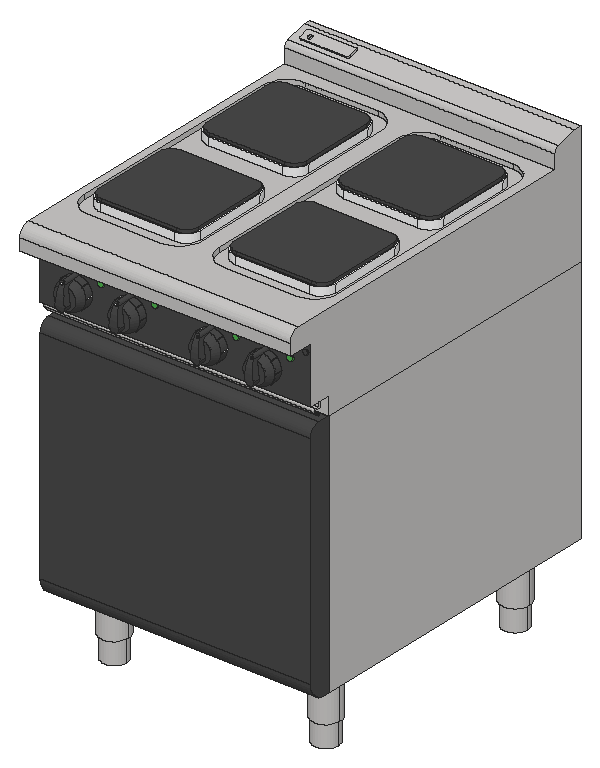
Revit family "QF_Moffat_RNLB8400SE-CD_Electric_Cooktops_Sealed_Hobs_cat", category Specialty Equipment, Revit 2019
Family settings
  Round Connector Dimension = Use Diameter
  Part Type = Normal
  Work Plane-Based = No
  Always vertical = Yes
  Cut with Voids When Loaded = No
  Shared = No
  Room Calculation Point = No
Parameters
  Weight in Kilograms = 79
  Watts = 8800 W
  Volts = 400 V
  URL Cutsheet = ""
  Specification by User = ""
  Specification by Manufacturer = ""
  Serial Number = ""
  Seismic Rating = ""
  SMACNA No = ""
  Revision Code = ""
  Phase = 2
  Number of Poles = 1
  NAFEM Spec ID Number = ""
  Model = "RNLB8400SE-CD"
  Min Ckt Ampacity = 0 A
  Max Overcurrent Protection = 0 A
  Masterspec = ""
  Manufacturer = "Moffat"
  Length = 600 mm
  Item Number = ""
  Installed By = ""
  Identify Quantity as Lot = yes
  Height = 970 mm
  HP = ""
  Furnished By = ""
  Foodservice Equipment Identifier = yes
  FL Amps = 22 A
  Electrical Remarks = ""
  Electric Connection Type = ""
  Elec Conn RI Height = 0 mm
  Elec Conn Connection Height = 0 mm
  Description = "Electric Cooktops Sealed Hobs"
  Depth = 805 mm
  Cycle = 50 Hz
  Conn Plug = ""
  Conn Conduit = yes
  CSI MasterFormat = ""
  Apparent Power = if(Phase = 3, Volts * FL Amps * 1.73, Volts * FL Amps)  # 8800 VA
Reference planes
  plane 1 "BACK": y = 0
  plane 2: z = 0
  plane 3 "LEFT": x = 0
  plane 4 "RIGHT": x = 600
  plane 5 "FRONT": y = -805
  plane 6 "TOP": z = 915
  plane 7 "Center Y": x = 300
  plane 8 "Center X": y = -402.5
  plane 9: x = 470
  plane 10: y = -30
  plane 11: z = 970
Forms (mm)
  Extrusion 1, solid, material "QF_Metal_Stainless_Polished"
    sketch origin (0, 0, 215) x (0, 1, 0) y (0, 0, 1)
      loop
        line (-749, 525) -> (-699, 525) -> (-699, 485.45) -> (0, 485.45) -> (0, 525) -> (0, 755) -> (-15, 755) -> (-61.106, 742.646)
        arc (-61.106, 742.646) -> (-67.52, 738.36) -> (-70, 731.055) r 12
        line (-70, 731.055) -> (-70, 700) -> (-781, 700)
        arc (-781, 700) -> (-797.971, 692.971) -> (-805, 676) r 24
        line (-805, 676) -> (-805, 651) -> (-749, 651) -> (-749, 525)
    from 0 to 600
  Extrusion 2, solid, material "QF_Plastic_Black_Smooth"
    sketch origin (0, 0, 0) x (0, 1, 0) y (0, 0, 1)
      loop
        line (-699, 700.45) -> (-725, 700.45)
        arc (-725, 700.45) -> (-741.971, 693.421) -> (-749, 676.45) r 24
        line (-749, 676.45) -> (-749, 188)
        arc (-749, 188) -> (-737.87, 161.13) -> (-711, 150) r 38
        line (-711, 150) -> (-699, 150) -> (-699, 700.45)
    from 0 to 600
  Extrusion 3, solid, material "QF_Plastic_Black_Smooth"
    sketch origin (0, 0, 915) x (0, -1, 0) y (1, 0, 0)
      loop
        arc (142, 67) -> (149.908, 47.908) -> (169, 40) r 27
        line (169, 40) -> (335, 40)
        arc (335, 40) -> (354.092, 47.908) -> (362, 67) r 27
        line (362, 67) -> (362, 233)
        arc (362, 233) -> (354.092, 252.092) -> (335, 260) r 27
        line (335, 260) -> (169, 260)
        arc (169, 260) -> (149.908, 252.092) -> (142, 233) r 27
        line (142, 233) -> (142, 67)
      loop
        arc (442, 67) -> (449.908, 47.908) -> (469, 40) r 27
        line (469, 40) -> (635, 40)
        arc (635, 40) -> (654.092, 47.908) -> (662, 67) r 27
        line (662, 67) -> (662, 233)
        arc (662, 233) -> (654.092, 252.092) -> (635, 260) r 27
        line (635, 260) -> (469, 260)
        arc (469, 260) -> (449.908, 252.092) -> (442, 233) r 27
        line (442, 233) -> (442, 67)
    from 8.3 to 14.4
  Extrusion 4, solid, material "QF_Plastic_Black_Smooth"
    sketch origin (0, 0, 915) x (0, -1, 0) y (1, 0, 0)
      loop
        line (142, 533) -> (142, 367)
        arc (142, 367) -> (149.908, 347.908) -> (169, 340) r 27
        line (169, 340) -> (335, 340)
        arc (335, 340) -> (354.092, 347.908) -> (362, 367) r 27
        line (362, 367) -> (362, 533)
        arc (362, 533) -> (354.092, 552.092) -> (335, 560) r 27
        line (335, 560) -> (169, 560)
        arc (169, 560) -> (149.908, 552.092) -> (142, 533) r 27
      loop
        line (442, 533) -> (442, 367)
        arc (442, 367) -> (449.908, 347.908) -> (469, 340) r 27
        line (469, 340) -> (635, 340)
        arc (635, 340) -> (654.092, 347.908) -> (662, 367) r 27
        line (662, 367) -> (662, 533)
        arc (662, 533) -> (654.092, 552.092) -> (635, 560) r 27
        line (635, 560) -> (469, 560)
        arc (469, 560) -> (449.908, 552.092) -> (442, 533) r 27
    from 8.3 to 14.4
  Extrusion 5, void
    sketch origin (0, 0, 915) x (1, 0, 0) y (0, -1, 0)
      loop
        line (69, 102) -> (231, 102)
        arc (231, 102) -> (266.355, 116.645) -> (281, 152) r 50
        line (281, 152) -> (281, 652)
        arc (281, 652) -> (266.355, 687.355) -> (231, 702) r 50
        line (231, 702) -> (69, 702)
        arc (69, 702) -> (33.645, 687.355) -> (19, 652) r 50
        line (19, 652) -> (19, 152)
        arc (19, 152) -> (33.645, 116.645) -> (69, 102) r 50
      loop
        arc (531, 102) -> (566.355, 116.645) -> (581, 152) r 50
        line (581, 152) -> (581, 652)
        arc (581, 652) -> (566.355, 687.355) -> (531, 702) r 50
        line (531, 702) -> (369, 702)
        arc (369, 702) -> (333.645, 687.355) -> (319, 652) r 50
        line (319, 652) -> (319, 152)
        arc (319, 152) -> (333.645, 116.645) -> (369, 102) r 50
        line (369, 102) -> (531, 102)
    from 0 to 9.5
  Extrusion 6, solid, material "QF_Plastic_White_Smooth"
    sketch origin (0, 0, 915) x (0, -1, 0) y (1, 0, 0)
      loop
        arc (138, 68) -> (147.373, 45.373) -> (170, 36) r 32
        line (170, 36) -> (333.983, 36)
        arc (333.983, 36) -> (356.61, 45.373) -> (365.983, 68) r 32
        line (365.983, 68) -> (365.983, 232)
        arc (365.983, 232) -> (356.61, 254.627) -> (333.983, 264) r 32
        line (333.983, 264) -> (170, 264)
        arc (170, 264) -> (147.373, 254.627) -> (138, 232) r 32
        line (138, 232) -> (138, 68)
      loop
        line (666, 68) -> (666, 232)
        arc (666, 232) -> (656.627, 254.627) -> (634, 264) r 32
        line (634, 264) -> (470, 264)
        arc (470, 264) -> (447.373, 254.627) -> (438, 232) r 32
        line (438, 232) -> (438, 68)
        arc (438, 68) -> (447.373, 45.373) -> (470, 36) r 32
        line (470, 36) -> (634, 36)
        arc (634, 36) -> (656.627, 45.373) -> (666, 68) r 32
      loop
        line (138, 532) -> (138, 368)
        arc (138, 368) -> (147.373, 345.373) -> (170, 336) r 32
        line (170, 336) -> (333.983, 336)
        arc (333.983, 336) -> (356.61, 345.373) -> (365.983, 368) r 32
        line (365.983, 368) -> (365.983, 532)
        arc (365.983, 532) -> (356.61, 554.627) -> (333.983, 564) r 32
        line (333.983, 564) -> (170, 564)
        arc (170, 564) -> (147.373, 554.627) -> (138, 532) r 32
      loop
        arc (666, 532) -> (656.627, 554.627) -> (634, 564) r 32
        line (634, 564) -> (470, 564)
        arc (470, 564) -> (447.373, 554.627) -> (438, 532) r 32
        line (438, 532) -> (438, 368)
        arc (438, 368) -> (447.373, 345.373) -> (470, 336) r 32
        line (470, 336) -> (634, 336)
        arc (634, 336) -> (656.627, 345.373) -> (666, 368) r 32
        line (666, 368) -> (666, 532)
    from -9.5 to 8.3
  Extrusion 7, solid, material "QF_Plastic_Black_Smooth"
    sketch origin (9.358, -749, 935.093) x (0, 0, 1) y (-1, 0, 0)
      loop
        circle (-88.657, -0.657) r 5
      loop
        circle (-88.657, -580.626) r 5
    from 0 to 1.6
  Extrusion 8, solid, material "QF_Paint_Green"
    sketch origin (-381.085, -749, 844.742) x (0, 0, 1) y (-1, 0, 0)
      loop
        circle (-20.842, -516.085) r 7.15
      loop
        circle (-20.842, -636.085) r 7.15
      loop
        circle (-20.842, -935.986) r 7.15
      loop
        circle (-20.842, -815.986) r 7.15
    from 0 to 1.6
  Revolve 9, solid, material "QF_Metal_Stainless_Polished"
    sketch origin (0, -625, 50) x (0, 0, -1) y (1, 0, 0)
      loop
        line (50, 535) -> (-100, 535) -> (-100, 503.25) -> (0, 503.25) -> (0, 507.5) -> (50, 507.5) -> (50, 535)
      axis (-100, 535) -> (50, 535)
    angle from 0 to 360
  Revolve 10, solid, material "QF_Metal_Stainless_Polished"
    sketch origin (0, -100, 50) x (0, 0, -1) y (1, 0, 0)
      loop
        line (50, 535) -> (-100, 535) -> (-100, 503.25) -> (0, 503.25) -> (0, 507.5) -> (50, 507.5) -> (50, 535)
      axis (-100, 535) -> (50, 535)
    angle from 0 to 360
  Revolve 11, solid, material "QF_Metal_Stainless_Polished"
    sketch origin (600, -625, 50) x (0, 0, -1) y (1, 0, 0)
      loop
        line (50, -535) -> (50, -507.5) -> (0, -507.5) -> (0, -503.25) -> (-100, -503.25) -> (-100, -535) -> (50, -535)
      axis (-100, -535) -> (50, -535)
    angle from 0 to 360
  Revolve 12, solid, material "QF_Metal_Stainless_Polished"
    sketch origin (600, -100, 50) x (0, 0, -1) y (1, 0, 0)
      loop
        line (50, -535) -> (50, -507.5) -> (0, -507.5) -> (0, -503.25) -> (-100, -503.25) -> (-100, -535) -> (50, -535)
      axis (-100, -535) -> (50, -535)
    angle from 0 to 360
  Extrusion 13, solid, material "QF_Metal_Stainless_Polished"
    sketch origin (0, 5, 815) x (0, 1, 0) y (0, 0, 1)
      loop
        line (-730.6, -75) -> (-730.6, -85) -> (-740.105, -85)
        arc (-740.105, -85) -> (-743.076, -86.985) -> (-742.379, -90.489) r 3.215
        line (-742.379, -90.489) -> (-731.85, -101.018) -> (-730.719, -99.887) -> (-741.247, -89.358)
        arc (-741.247, -89.358) -> (-741.597, -87.597) -> (-740.105, -86.6) r 1.615
        line (-740.105, -86.6) -> (-729, -86.6) -> (-729, -75) -> (-730.6, -75)
    from 0 to 600
  Extrusion 14, solid
    sketch origin (0, -12.574, 150) x (1, 0, 0) y (0, -1, 0)
      loop
        circle (470, 18) r 6.4
    from 0 to 1.6
  Extrusion 15, solid, material "QF_Metal_Stainless_Polished"
    sketch origin (600, 0, 0) x (0, -1, 0) y (0, 0, 1)
      loop
        line (699, 700.45) -> (0, 700.45) -> (0, 150) -> (699, 150) -> (699, 700.45)
    from 0 to 600
Cuts and joins
  Extrusion 5 cuts Extrusion 2
  Extrusion 5 cuts Extrusion 1
Lines and regions (mm)
  symbolic lines
    curve 1: line (600, -805, 0) -> (600, 0, 0)
    curve 2: line (600, 0, 0) -> (0, 0, 0)
    curve 3: line (0, 0, 0) -> (0, -805, 0)
    curve 4: line (0, -805, 0) -> (600, -805, 0)
    curve 5: arc (69, -702, 0) -> (33.645, -687.355, 0) -> (19, -652, 0) r 50
    curve 6: line (19, -652, 0) -> (19, -152, 0)
    curve 7: arc (19, -152, 0) -> (33.645, -116.645, 0) -> (69, -102, 0) r 50
    curve 8: line (69, -102, 0) -> (231, -102, 0)
    curve 9: arc (231, -102, 0) -> (266.355, -116.645, 0) -> (281, -152, 0) r 50
    curve 10: line (281, -152, 0) -> (281, -652, 0)
    curve 11: arc (281, -652, 0) -> (266.355, -687.355, 0) -> (231, -702, 0) r 50
    curve 12: line (231, -702, 0) -> (69, -702, 0)
    curve 13: arc (369, -702, 0) -> (333.645, -687.355, 0) -> (319, -652, 0) r 50
    curve 14: line (319, -652, 0) -> (319, -152, 0)
    curve 15: arc (319, -152, 0) -> (333.645, -116.645, 0) -> (369, -102, 0) r 50
    curve 16: line (369, -102, 0) -> (531, -102, 0)
    curve 17: arc (531, -102, 0) -> (566.355, -116.645, 0) -> (581, -152, 0) r 50
    curve 18: line (581, -152, 0) -> (581, -652, 0)
    curve 19: arc (581, -652, 0) -> (566.355, -687.355, 0) -> (531, -702, 0) r 50
    curve 20: line (531, -702, 0) -> (369, -702, 0)
    curve 21: line (340, -469, 0) -> (340, -635, 0)
    curve 22: arc (340, -635, 0) -> (347.908, -654.092, 0) -> (367, -662, 0) r 27
    curve 23: line (367, -662, 0) -> (533, -662, 0)
    curve 24: arc (533, -662, 0) -> (552.092, -654.092, 0) -> (560, -635, 0) r 27
    curve 25: line (560, -635, 0) -> (560, -469, 0)
    curve 26: arc (560, -469, 0) -> (552.092, -449.908, 0) -> (533, -442, 0) r 27
    curve 27: line (533, -442, 0) -> (367, -442, 0)
    curve 28: arc (367, -442, 0) -> (347.908, -449.908, 0) -> (340, -469, 0) r 27
    curve 29: line (336, -470, 0) -> (336, -634, 0)
    curve 30: arc (336, -634, 0) -> (345.373, -656.627, 0) -> (368, -666, 0) r 32
    curve 31: line (368, -666, 0) -> (532, -666, 0)
    curve 32: arc (532, -666, 0) -> (554.627, -656.627, 0) -> (564, -634, 0) r 32
    curve 33: line (564, -634, 0) -> (564, -470, 0)
    curve 34: arc (564, -470, 0) -> (554.627, -447.373, 0) -> (532, -438, 0) r 32
    curve 35: line (532, -438, 0) -> (368, -438, 0)
    curve 36: arc (368, -438, 0) -> (345.373, -447.373, 0) -> (336, -470, 0) r 32
    curve 37: line (340, -169, 0) -> (340, -335, 0)
    curve 38: arc (340, -335, 0) -> (347.908, -354.092, 0) -> (367, -362, 0) r 27
    curve 39: line (367, -362, 0) -> (533, -362, 0)
    curve 40: arc (533, -362, 0) -> (552.092, -354.092, 0) -> (560, -335, 0) r 27
    curve 41: line (560, -335, 0) -> (560, -169, 0)
    curve 42: arc (560, -169, 0) -> (552.092, -149.908, 0) -> (533, -142, 0) r 27
    curve 43: line (533, -142, 0) -> (367, -142, 0)
    curve 44: arc (367, -142, 0) -> (347.908, -149.908, 0) -> (340, -169, 0) r 27
    curve 45: line (336, -170, 0) -> (336, -333.983, 0)
    curve 46: arc (336, -333.983, 0) -> (345.373, -356.61, 0) -> (368, -365.983, 0) r 32
    curve 47: line (368, -365.983, 0) -> (532, -365.983, 0)
    curve 48: arc (532, -365.983, 0) -> (554.627, -356.61, 0) -> (564, -333.983, 0) r 32
    curve 49: line (564, -333.983, 0) -> (564, -170, 0)
    curve 50: arc (564, -170, 0) -> (554.627, -147.373, 0) -> (532, -138, 0) r 32
    curve 51: line (532, -138, 0) -> (368, -138, 0)
    curve 52: arc (368, -138, 0) -> (345.373, -147.373, 0) -> (336, -170, 0) r 32
    curve 53: line (264, -333.983, 0) -> (264, -170, 0)
    curve 54: arc (264, -170, 0) -> (254.627, -147.373, 0) -> (232, -138, 0) r 32
    curve 55: line (232, -138, 0) -> (68, -138, 0)
    curve 56: arc (68, -138, 0) -> (45.373, -147.373, 0) -> (36, -170, 0) r 32
    curve 57: line (36, -170, 0) -> (36, -333.983, 0)
    curve 58: arc (36, -333.983, 0) -> (45.373, -356.61, 0) -> (68, -365.983, 0) r 32
    curve 59: line (68, -365.983, 0) -> (232, -365.983, 0)
    curve 60: arc (232, -365.983, 0) -> (254.627, -356.61, 0) -> (264, -333.983, 0) r 32
    curve 61: line (260, -335, 0) -> (260, -169, 0)
    curve 62: arc (260, -169, 0) -> (252.092, -149.908, 0) -> (233, -142, 0) r 27
    curve 63: line (233, -142, 0) -> (67, -142, 0)
    curve 64: arc (67, -142, 0) -> (47.908, -149.908, 0) -> (40, -169, 0) r 27
    curve 65: line (40, -169, 0) -> (40, -335, 0)
    curve 66: arc (40, -335, 0) -> (47.908, -354.092, 0) -> (67, -362, 0) r 27
    curve 67: line (67, -362, 0) -> (233, -362, 0)
    curve 68: arc (233, -362, 0) -> (252.092, -354.092, 0) -> (260, -335, 0) r 27
    curve 69: arc (260, -469, 0) -> (252.092, -449.908, 0) -> (233, -442, 0) r 27
    curve 70: line (233, -442, 0) -> (67, -442, 0)
    curve 71: arc (67, -442, 0) -> (47.908, -449.908, 0) -> (40, -469, 0) r 27
    curve 72: line (40, -469, 0) -> (40, -635, 0)
    curve 73: arc (40, -635, 0) -> (47.908, -654.092, 0) -> (67, -662, 0) r 27
    curve 74: line (67, -662, 0) -> (233, -662, 0)
    curve 75: arc (233, -662, 0) -> (252.092, -654.092, 0) -> (260, -635, 0) r 27
    curve 76: line (260, -635, 0) -> (260, -469, 0)
    curve 77: arc (264, -470, 0) -> (254.627, -447.373, 0) -> (232, -438, 0) r 32
    curve 78: line (232, -438, 0) -> (68, -438, 0)
    curve 79: arc (68, -438, 0) -> (45.373, -447.373, 0) -> (36, -470, 0) r 32
    curve 80: line (36, -470, 0) -> (36, -634, 0)
    curve 81: arc (36, -634, 0) -> (45.373, -656.627, 0) -> (68, -666, 0) r 32
    curve 82: line (68, -666, 0) -> (232, -666, 0)
    curve 83: arc (232, -666, 0) -> (254.627, -656.627, 0) -> (264, -634, 0) r 32
    curve 84: line (264, -634, 0) -> (264, -470, 0)
    curve 85: line (0, -15, 0) -> (600, -15, 0)
    curve 86: line (0, -70, 0) -> (600, -70, 0)
Dimensions and locks
  equal spacing: plane 3 "LEFT", plane 7 "Center Y", plane 4 "RIGHT"
  "Length": plane 3 "LEFT" to plane 4 "RIGHT"
  equal spacing: plane 5 "FRONT", plane 8 "Center X", plane 1 "BACK"
  "Depth": plane 5 "FRONT" to plane 1 "BACK"
  plane 9 to plane 4 "RIGHT" = 130 mm
  plane 10 to plane 1 "BACK" = 30 mm
  "Height": plane 11 to level
  aligned and locked: level to plane 2
Automatic sketch dimensions
  Extrusion 1 sketch curve to plane 5 "FRONT" = 0 mm
  Extrusion 1 sketch curve to plane 5 "FRONT" = 24 mm
  Extrusion 1 sketch curve to plane 5 "FRONT" = 56 mm
  Extrusion 1 sketch curve to Extrusion 1 sketch curve = 50 mm
  Extrusion 1 sketch curve to Extrusion 1 sketch curve = 25 mm
  Extrusion 1 sketch curve to Extrusion 1 sketch curve = 126 mm
  Extrusion 1 sketch curve to Extrusion 1 sketch curve = 175 mm
  Extrusion 1 sketch curve to Extrusion 1 sketch curve = 39.55 mm
  plane 1 "BACK" to Extrusion 2 sketch curve = 699 mm
  Extrusion 2 sketch curve to plane 5 "FRONT" = 94 mm
  Extrusion 2 sketch curve to plane 5 "FRONT" = 80 mm
  Extrusion 2 sketch curve to Extrusion 2 sketch curve = 24 mm
  level to Extrusion 2 sketch curve = 150 mm
  Extrusion 2 sketch curve to plane 6 "TOP" = 238.55 mm
  Extrusion 3 sketch curve to Extrusion 3 sketch curve = 27 mm  (x6)
  Extrusion 3 sketch curve to Extrusion 3 sketch curve = 166 mm  (x5)
  Extrusion 1 to Extrusion 3 sketch curve = 67 mm
  Extrusion 3 sketch curve to Extrusion 3 sketch curve = 80 mm
  Extrusion 3 sketch curve to Extrusion 1 = 146 mm  (x2)
  Extrusion 1 to Extrusion 3 sketch curve = 40 mm
  Extrusion 4 sketch curve to Extrusion 4 sketch curve = 27 mm  (x6)
  Extrusion 4 sketch curve to Extrusion 4 sketch curve = 166 mm  (x4)
  Extrusion 1 to Extrusion 4 sketch curve = 67 mm  (x2)
  Extrusion 4 sketch curve to Extrusion 4 sketch curve = 80 mm
  Extrusion 4 sketch curve to Extrusion 1 = 146 mm  (x2)
  Extrusion 4 sketch curve to Extrusion 4 sketch curve = 0 mm
  Extrusion 1 to Extrusion 5 sketch curve = 19 mm  (x2)
  Extrusion 5 sketch curve to Extrusion 5 sketch curve = 50 mm  (x5)
  Extrusion 5 sketch curve to Extrusion 5 sketch curve = 162 mm  (x2)
  Extrusion 5 sketch curve to Extrusion 5 sketch curve = 38 mm
  Extrusion 1 to Extrusion 5 sketch curve = 69 mm  (x2)
  Extrusion 5 sketch curve to Extrusion 1 = 129 mm
  Extrusion 5 sketch curve to Extrusion 5 sketch curve = 0 mm  (x2)
  Extrusion 6 sketch curve to Extrusion 6 sketch curve = 32 mm  (x11)
  Extrusion 1 to Extrusion 6 sketch curve = 36 mm  (x3)
  Extrusion 6 sketch curve to Extrusion 6 sketch curve = 163.983 mm  (x3)
  Extrusion 1 to Extrusion 6 sketch curve = 68 mm  (x2)
  Extrusion 6 sketch curve to Extrusion 6 sketch curve = 0 mm  (x3)
  Extrusion 6 sketch curve to Extrusion 6 sketch curve = 72.017 mm  (x2)
  Extrusion 6 sketch curve to Extrusion 1 = 147 mm  (x3)
  Extrusion 6 sketch curve to Extrusion 6 sketch curve = 164 mm  (x3)
  Extrusion 6 sketch curve to Extrusion 6 sketch curve = 72 mm  (x2)
  plane 4 "RIGHT" to Extrusion 7 sketch curve = 10.016 mm
  Extrusion 7 sketch curve to plane 6 "TOP" = 68.564 mm  (x2)
  plane 3 "LEFT" to Extrusion 7 sketch curve = 10.016 mm
  Extrusion 8 sketch curve to plane 7 "Center Y" = 45 mm
  Extrusion 8 sketch curve to plane 6 "TOP" = 91.1 mm
  plane 4 "RIGHT" to Extrusion 8 sketch curve = 45.099 mm
  Extrusion 8 sketch curve to Extrusion 8 sketch curve = 0 mm  (x3)
  Extrusion 8 sketch curve to Extrusion 8 sketch curve = 120 mm  (x2)
  Revolve 9 sketch curve to level = 0 mm
  level to Revolve 9 sketch curve = 50 mm
  Revolve 9 sketch curve to Revolve 9 sketch curve = 100 mm
  plane 4 "RIGHT" to Revolve 9 sketch curve = 96.75 mm
  Revolve 9 sketch curve to Revolve 9 sketch curve = 4.25 mm
  Revolve 9 sketch curve to Revolve 9 sketch curve = 27.5 mm
  Revolve 9 sketch curve to Revolve 9 sketch curve = 15 mm
  Revolve 9 sketch curve to Revolve 9 sketch curve = 0 mm  (x2)
  Revolve 10 sketch curve to level = 0 mm
  level to Revolve 10 sketch curve = 50 mm
  Revolve 10 sketch curve to Revolve 10 sketch curve = 100 mm
  plane 4 "RIGHT" to Revolve 10 sketch curve = 96.75 mm
  Revolve 10 sketch curve to Revolve 10 sketch curve = 4.25 mm
  Revolve 10 sketch curve to Revolve 10 sketch curve = 27.5 mm
  Revolve 10 sketch curve to Revolve 10 sketch curve = 15 mm
  Revolve 10 sketch curve to Revolve 10 sketch curve = 0 mm  (x2)
  Revolve 11 sketch curve to level = 0 mm
  level to Revolve 11 sketch curve = 50 mm
  Revolve 11 sketch curve to Revolve 11 sketch curve = 100 mm
  plane 3 "LEFT" to Revolve 11 sketch curve = 65 mm
  Revolve 11 sketch curve to Revolve 11 sketch curve = 27.5 mm
  Revolve 11 sketch curve to Revolve 11 sketch curve = 31.75 mm
  Revolve 11 sketch curve to Revolve 11 sketch curve = 15 mm
  Revolve 11 sketch curve to Revolve 11 sketch curve = 0 mm  (x2)
  Revolve 12 sketch curve to level = 0 mm
  level to Revolve 12 sketch curve = 50 mm
  Revolve 12 sketch curve to Revolve 12 sketch curve = 100 mm
  plane 3 "LEFT" to Revolve 12 sketch curve = 65 mm
  Revolve 12 sketch curve to Revolve 12 sketch curve = 27.5 mm
  Revolve 12 sketch curve to Revolve 12 sketch curve = 31.75 mm
  Revolve 12 sketch curve to Revolve 12 sketch curve = 15 mm
  Revolve 12 sketch curve to Revolve 12 sketch curve = 0 mm  (x2)
  plane 1 "BACK" to curve 2 = 0 mm
  curve 2 to plane 3 "LEFT" = 0 mm
  curve 2 to plane 4 "RIGHT" = 0 mm
  plane 5 "FRONT" to curve 1 = 0 mm
  plane 3 "LEFT" to curve 6 = 19 mm
  plane 3 "LEFT" to curve 12 = 69 mm
  plane 3 "LEFT" to curve 8 = 69 mm
  curve 11 to plane 7 "Center Y" = 69 mm
  curve 9 to plane 7 "Center Y" = 69 mm
  curve 10 to plane 7 "Center Y" = 19 mm
  curve 12 to plane 5 "FRONT" = 103 mm
  plane 1 "BACK" to curve 10 = 152 mm
  plane 7 "Center Y" to curve 14 = 19 mm
  plane 7 "Center Y" to curve 16 = 69 mm
  curve 13 to curve 13 = 50 mm
  plane 4 "RIGHT" to curve 19 = 69 mm
  plane 4 "RIGHT" to curve 17 = 69 mm
  plane 4 "RIGHT" to curve 18 = 19 mm
  curve 20 to curve 10 = 50 mm
  curve 13 to curve 21 = 21 mm
  curve 28 to curve 28 = 27 mm
  curve 23 to curve 13 = 2 mm
  plane 4 "RIGHT" to curve 27 = 67 mm
  curve 19 to curve 23 = 2 mm
  curve 26 to curve 25 = 27 mm
  curve 23 to curve 13 = 10 mm
  curve 25 to plane 8 "Center X" = 66.5 mm
  curve 29 to curve 22 = 4 mm
  curve 22 to curve 30 = 1 mm
  curve 28 to curve 36 = 1 mm
  curve 32 to curve 24 = 1 mm
  curve 34 to curve 26 = 1 mm
  curve 26 to curve 33 = 4 mm
  curve 31 to curve 24 = 4 mm
  curve 33 to curve 26 = 1 mm
  plane 7 "Center Y" to curve 37 = 40 mm
  curve 37 to curve 39 = 27 mm
  curve 43 to curve 15 = 2 mm
  curve 17 to curve 42 = 2 mm
  plane 4 "RIGHT" to curve 40 = 67 mm
  curve 40 to curve 41 = 27 mm
  plane 8 "Center X" to curve 39 = 40.5 mm
  curve 42 to curve 17 = 17 mm
  curve 45 to curve 37 = 4 mm
  curve 44 to curve 52 = 1 mm
  curve 39 to curve 47 = 1 mm
  curve 48 to curve 40 = 1 mm
  curve 51 to curve 42 = 1 mm
  curve 42 to curve 49 = 4 mm
  curve 47 to curve 39 = 3.983 mm
  curve 49 to curve 42 = 1 mm
  plane 3 "LEFT" to curve 57 = 36 mm
  curve 56 to curve 7 = 1 mm
  curve 57 to curve 58 = 32 mm
  curve 9 to curve 55 = 1 mm
  curve 60 to plane 7 "Center Y" = 68 mm
  curve 53 to curve 10 = 17 mm
  plane 8 "Center X" to curve 59 = 36.517 mm
  curve 57 to curve 7 = 18 mm
  curve 56 to curve 65 = 4 mm
  curve 63 to curve 56 = 1 mm
  curve 67 to curve 58 = 1 mm
  curve 60 to curve 68 = 1 mm
  curve 54 to curve 62 = 1 mm
  curve 61 to curve 53 = 4 mm
  curve 58 to curve 67 = 3.983 mm
  curve 53 to curve 61 = 1 mm
  curve 6 to curve 72 = 21 mm
  curve 71 to curve 70 = 27 mm
  curve 73 to curve 5 = 2 mm
  curve 69 to plane 7 "Center Y" = 67 mm
  curve 11 to curve 74 = 2 mm
  curve 75 to curve 76 = 27 mm
  curve 74 to curve 5 = 10 mm
  curve 72 to plane 8 "Center X" = 66.5 mm
  curve 80 to curve 72 = 4 mm
  curve 71 to curve 78 = 1 mm
  curve 74 to curve 82 = 1 mm
  curve 83 to curve 75 = 1 mm
  curve 78 to curve 70 = 1 mm
  curve 69 to curve 84 = 4 mm
  curve 82 to curve 74 = 4 mm
  curve 80 to curve 72 = 1 mm
  Extrusion 13 sketch curve to Extrusion 13 sketch curve = 0 mm  (x2)
  Extrusion 13 sketch curve to plane 6 "TOP" = 190.489 mm
  Extrusion 13 sketch curve to plane 5 "FRONT" = 67.621 mm
  Extrusion 13 sketch curve to plane 6 "TOP" = 189.358 mm
  Extrusion 13 sketch curve to Extrusion 13 sketch curve = 1.131 mm
  Extrusion 13 sketch curve to Extrusion 13 sketch curve = 1.142 mm  (x2)
  Extrusion 13 sketch curve to plane 6 "TOP" = 201.018 mm
  Extrusion 13 sketch curve to Extrusion 13 sketch curve = 10.529 mm
  Extrusion 13 sketch curve to Extrusion 13 sketch curve = 9.505 mm
  Extrusion 13 sketch curve to Extrusion 13 sketch curve = 1.6 mm
  Extrusion 13 sketch curve to Extrusion 13 sketch curve = 10 mm
  Extrusion 14 sketch curve to Extrusion 2 = 668.426 mm
  Extrusion 14 sketch curve to Extrusion 2 = 130 mm
  curve 45 to curve 10 = 18 mm
  Extrusion 1 sketch curve to plane 1 "BACK" = 0 mm
  plane 1 "BACK" to Extrusion 1 sketch curve = 15 mm
  plane 6 "TOP" to Extrusion 1 sketch curve = 55 mm
  Extrusion 1 sketch curve to plane 10 = 31.106 mm
  plane 6 "TOP" to Extrusion 1 sketch curve = 42.646 mm
  Extrusion 1 sketch curve to Extrusion 1 sketch curve = 3.106 mm
  Extrusion 1 sketch curve to Extrusion 1 sketch curve = 11.591 mm
  Extrusion 1 sketch curve to plane 6 "TOP" = 0 mm
  Extrusion 5 sketch curve to Extrusion 1 = 82 mm
  curve 85 to curve 2 = 15 mm
  curve 86 to plane 10 = 40 mm
  Extrusion 15 sketch curve to plane 1 "BACK" = 0 mm
  Extrusion 15 sketch curve to plane 6 "TOP" = 214.55 mm
  Extrusion 15 sketch curve to plane 5 "FRONT" = 106 mm
  level to Extrusion 15 sketch curve = 150 mm
  radius of Extrusion 7 sketch curve = 5 mm  (x2)
  radius of Extrusion 8 sketch curve = 7.15 mm  (x4)
  radius of Extrusion 14 sketch curve = 6.4 mm
Nested families
  nested 1: "Knob" at (57.503, -749, 764.5), type "Knob"
  nested 2: "Knob" at (177.503, -749, 764.5), type "Knob"
  nested 3: "Knob" at (357.503, -749, 764.5), type "Knob"
  nested 4: "Knob" at (477.503, -749, 764.5), type "Knob"
  nested 5: "QF_LOGO_Waldorf" at (17, -25.159, 940.567), type "QF_LOGO_Waldorf"
Connectors
  electrical at (470, -30.574, 148.4), driven by "Volts", driven by "Watts"
    settings: on Extrusion 14, index 1, voltage 400 V, apparent load 8800 VA, apparent load phase1 0 VA, apparent load phase2 0 VA, apparent load phase3 0 VA, power factor 1, load classification "Other", number of poles 1, system type 30, power factor state 1, is connector primary yes, connector utility no, sub classification motor no, connector description "ELECTRICAL CONNECTION"
Definition of nested family "Knob"
  Parameters (values of type "Knob")
    Weight in Pounds = 0
    URL Cutsheet = ""
    Specification by User = ""
    Specification by Manufacturer = ""
    Serial Number = ""
    Seismic Rating = ""
    SMACNA No = ""
    Revision Code = ""
    NAFEM Spec ID Number = ""
    Masterspec = ""
    Length = 65 mm
    Item Number = ""
    Installed By = ""
    Identify Quantity as Lot = yes
    Height = 69.5 mm
    Furnished By = ""
    Foodservice Equipment Identifier = yes
    Depth = 59 mm
    CSI MasterFormat = ""
  Reference planes
    plane 1 "BACK": y = 0
    plane 2: z = 0
    plane 3 "LEFT": x = 0
    plane 4 "RIGHT": x = 65
    plane 5 "FRONT": y = -59
    plane 6 "TOP": z = 69.5
    plane 7 "Center Y": x = 32.5
    plane 8 "Center X": y = -29.5
  Forms (mm)
    Revolve 1, solid
      sketch origin (32.5, 175.397, 1219.2) x (0, 1, 0) y (0, 0, 1)
        loop
          line (-175.397, -1186.7) -> (-219.397, -1186.7) -> (-219.397, -1211.501) -> (-202.106, -1219.2) -> (-185.397, -1219.2) -> (-185.397, -1191.7) -> (-175.397, -1191.7) -> (-175.397, -1186.7)
        axis (-219.397, -1186.7) -> (-175.397, -1186.7)
      angle from 0 to 360
    Extrusion 2, solid
      sketch origin (32.5, 175.397, 1219.2) x (0, 1, 0) y (0, 0, 1)
        loop
          line (-202.106, -1154.2) -> (-185.397, -1154.2) -> (-185.397, -1149.7) -> (-224.105, -1149.7)
          arc (-224.105, -1149.7) -> (-233.965, -1178.467) -> (-230.696, -1208.7) r 70
          line (-230.696, -1208.7) -> (-219.397, -1208.7) -> (-219.397, -1161.899) -> (-202.106, -1154.2)
      from -15 to 15
    Extrusion 3, void
      sketch origin (0, 0, 0) x (1, 0, 0) y (0, 0, 1)
        loop
          line (27.501, 64.613) -> (22.02, 20.585)
          arc (22.02, 20.585) -> (32.792, 10.488) -> (42.986, 21.169) r 10.487
          line (42.986, 21.169) -> (37.499, 64.613)
          arc (37.499, 64.613) -> (32.5, 69.5) -> (27.501, 64.613) r 5
        loop
          line (10, 72.977) -> (10, 5.625) -> (55, 5.625) -> (55, 72.977) -> (10, 72.977)
      from 6.142 to 69.687
    Extrusion 4, solid
      sketch origin (0, -34.115, -16.916) x (1, 0, 0) y (0, 0.45399, 0.891007)
        loop
          circle (32.497, 65) r 2
      from 51.525 to 53.075
    Extrusion 5, solid
      sketch origin (32.5, -10, 32.5) x (0, 0, -1) y (-1, 0, 0)
        loop
          line (-23.54, -22.408) -> (-24.106, -22.974)
          arc (-24.106, -22.974) -> (-23.547, -23.547) -> (-22.974, -24.106) r 33.3
          line (-22.974, -24.106) -> (-22.408, -23.54)
          arc (-22.408, -23.54) -> (-22.981, -22.981) -> (-23.54, -22.408) r 32.5
        loop
          arc (-0.8, -33.29) -> (0, -33.3) -> (0.8, -33.29) r 33.3
          line (0.8, -33.29) -> (0.8, -32.49)
          arc (0.8, -32.49) -> (0, -32.5) -> (-0.8, -32.49) r 32.5
          line (-0.8, -32.49) -> (-0.8, -33.29)
        loop
          arc (23.54, -22.408) -> (22.981, -22.981) -> (22.408, -23.54) r 32.5
          line (22.408, -23.54) -> (22.974, -24.106)
          arc (22.974, -24.106) -> (23.547, -23.547) -> (24.106, -22.974) r 33.3
          line (24.106, -22.974) -> (23.54, -22.408)
        loop
          arc (-23.54, 22.408) -> (-22.981, 22.981) -> (-22.408, 23.54) r 32.5
          line (-22.408, 23.54) -> (-22.974, 24.106)
          arc (-22.974, 24.106) -> (-23.547, 23.547) -> (-24.106, 22.974) r 33.3
          line (-24.106, 22.974) -> (-23.54, 22.408)
        loop
          line (-0.8, 33.29) -> (-0.8, 32.49)
          arc (-0.8, 32.49) -> (0, 32.5) -> (0.8, 32.49) r 32.5
          line (0.8, 32.49) -> (0.8, 33.29)
          arc (0.8, 33.29) -> (0, 33.3) -> (-0.8, 33.29) r 33.3
        loop
          line (32.49, -0.8) -> (33.29, -0.8)
          arc (33.29, -0.8) -> (33.3, 0) -> (33.29, 0.8) r 33.3
          line (33.29, 0.8) -> (32.49, 0.8)
          arc (32.49, 0.8) -> (32.5, 0) -> (32.49, -0.8) r 32.5
        loop
          arc (24.106, 22.974) -> (23.547, 23.547) -> (22.974, 24.106) r 33.3
          line (22.974, 24.106) -> (22.408, 23.54)
          arc (22.408, 23.54) -> (22.981, 22.981) -> (23.54, 22.408) r 32.5
          line (23.54, 22.408) -> (24.106, 22.974)
      from 0 to -16.709
  Cuts and joins
    Extrusion 3 cuts Extrusion 2
  Dimensions and locks
    equal spacing: plane 3 "LEFT", plane 7 "Center Y", plane 4 "RIGHT"
    "Length": plane 3 "LEFT" to plane 4 "RIGHT"
    equal spacing: plane 5 "FRONT", plane 8 "Center X", plane 1 "BACK"
    "Depth": plane 5 "FRONT" to plane 1 "BACK"
    "Height": plane 6 "TOP" to level
    plane 4 "RIGHT" to plane 3 "LEFT" = 65 mm
    aligned and locked: level to plane 2
  Automatic sketch dimensions
    Revolve 1 sketch curve to level = 0 mm
    Revolve 1 sketch curve to plane 1 "BACK" = 0 mm  (x2)
    plane 1 "BACK" to Revolve 1 sketch curve = 10 mm
    plane 8 "Center X" to Revolve 1 sketch curve = 2.791 mm
    Revolve 1 sketch curve to plane 8 "Center X" = 14.5 mm
    level to Revolve 1 sketch curve = 7.699 mm
    level to Revolve 1 sketch curve = 27.5 mm
    Revolve 1 sketch curve to Revolve 1 sketch curve = 5 mm
    Revolve 1 sketch curve to Revolve 1 sketch curve = 35 mm
    Revolve 1 sketch curve to Revolve 1 sketch curve = 0 mm
    Extrusion 2 sketch curve to plane 6 "TOP" = 0 mm
    Extrusion 2 sketch curve to plane 5 "FRONT" = 3.702 mm
    Extrusion 2 sketch curve to plane 5 "FRONT" = 10.293 mm
    Extrusion 2 sketch curve to Extrusion 2 sketch curve = 11.298 mm
    plane 8 "Center X" to Extrusion 2 sketch curve = 2.791 mm
    plane 1 "BACK" to Extrusion 2 sketch curve = 10 mm
    Extrusion 2 sketch curve to plane 1 "BACK" = 11 mm
    Extrusion 2 sketch curve to plane 6 "TOP" = 4.5 mm
    Extrusion 2 sketch curve to plane 6 "TOP" = 12.199 mm
    level to Extrusion 2 sketch curve = 32.962 mm
    level to Extrusion 3 sketch curve = 5.625 mm
    Extrusion 3 sketch curve to plane 7 "Center Y" = 0 mm  (x2)
    Extrusion 3 sketch curve to plane 7 "Center Y" = 4.999 mm
    Extrusion 3 sketch curve to plane 7 "Center Y" = 10.48 mm
    plane 6 "TOP" to Extrusion 3 sketch curve = 3.477 mm
    plane 3 "LEFT" to Extrusion 3 sketch curve = 10 mm
    Extrusion 3 sketch curve to plane 6 "TOP" = 4.887 mm
    Extrusion 3 sketch curve to Extrusion 3 sketch curve = 4.999 mm
    plane 7 "Center Y" to Extrusion 3 sketch curve = 10.486 mm
    level to Extrusion 3 sketch curve = 20.585 mm
    Extrusion 3 sketch curve to Extrusion 3 sketch curve = 0.387 mm
    Extrusion 3 sketch curve to Extrusion 3 sketch curve = 0.113 mm
    plane 4 "RIGHT" to Extrusion 3 sketch curve = 10 mm
    Extrusion 5 sketch curve to Revolve 1 = 32.49 mm
    Revolve 1 to Extrusion 5 sketch curve = 32.49 mm
    Extrusion 5 sketch curve to Revolve 1 = 23.54 mm  (x2)
    Revolve 1 to Extrusion 5 sketch curve = 23.54 mm  (x2)
    Extrusion 5 sketch curve to Revolve 1 = 24.106 mm  (x2)
    Revolve 1 to Extrusion 5 sketch curve = 24.106 mm  (x2)
    Revolve 1 to Extrusion 5 sketch curve = 22.408 mm  (x2)
    Extrusion 5 sketch curve to Revolve 1 = 22.408 mm  (x2)
    Revolve 1 to Extrusion 5 sketch curve = 22.974 mm  (x2)
    Extrusion 5 sketch curve to Revolve 1 = 22.974 mm  (x2)
    Extrusion 5 sketch curve to Extrusion 5 sketch curve = 1.6 mm  (x2)
    Revolve 1 to Extrusion 5 sketch curve = 0.8 mm
    Extrusion 5 sketch curve to Revolve 1 = 0.8 mm
    Extrusion 4 sketch curve to plane 7 "Center Y" = 0.003 mm
    radius of Extrusion 5 sketch curve to Revolve 1 = 0 mm  (x7)
    radius of Revolve 1 to Extrusion 5 sketch curve = 0.8 mm  (x7)
    radius of Extrusion 4 sketch curve = 2 mm
Definition of nested family "QF_LOGO_Waldorf"
  Parameters (values of type "QF_LOGO_Waldorf")
    Weight in Pounds = 0
    URL Cutsheet = ""
    Specification by User = ""
    Specification by Manufacturer = ""
    Serial Number = ""
    Seismic Rating = ""
    SMACNA No = ""
    Revision Code = ""
    NAFEM Spec ID Number = ""
    Masterspec = ""
    Length = 138 mm
    Item Number = ""
    Installed By = ""
    Identify Quantity as Lot = yes
    Height = 26.711 mm
    Furnished By = ""
    Foodservice Equipment Identifier = yes
    Depth = 3.175 mm
    CSI MasterFormat = ""
  Reference planes
    plane 1 "BACK": y = 0
    plane 2: z = 0
    plane 3 "LEFT": x = 0
    plane 4 "RIGHT": x = 138
    plane 5 "FRONT": y = -3.175
    plane 6 "TOP": z = 26.711
    plane 7 "Center Y": x = 69
    plane 8 "Center X": y = -1.587
  Forms (mm)
    Extrusion 1, solid
      sketch origin (0, -25.801, 19.798) x (1, 0, 0) y (0, 0.965926, 0.258819)
        loop
          line (109, 3.464) -> (109, 23.247)
          spline (109, 23.247) -> (108.966, 23.699) -> (108.864, 24.143) -> (108.696, 24.572) -> (108.464, 24.979) -> (108.173, 25.355) -> (107.828, 25.696) -> (107.435, 25.995) -> (107, 26.247) -> (106.531, 26.447) -> (106.035, 26.593) -> (105.522, 26.681) -> (105, 26.711)
          line (105, 26.711) -> (4, 26.711)
          spline (4, 26.711) -> (3.478, 26.681) -> (2.965, 26.593) -> (2.469, 26.447) -> (2, 26.247) -> (1.565, 25.995) -> (1.172, 25.696) -> (0.827, 25.355) -> (0.536, 24.979) -> (0.304, 24.572) -> (0.136, 24.143) -> (0.034, 23.699) -> (0, 23.247)
          line (0, 23.247) -> (0, 3.464)
          spline (0, 3.464) -> (0.034, 3.012) -> (0.136, 2.568) -> (0.304, 2.138) -> (0.536, 1.732) -> (0.827, 1.355) -> (1.172, 1.015) -> (1.565, 0.716) -> (2, 0.464) -> (2.469, 0.264) -> (2.965, 0.118) -> (3.478, 0.03) -> (4, 0)
          line (4, 0) -> (105, 0)
          spline (105, 0) -> (105.522, 0.03) -> (106.035, 0.118) -> (106.531, 0.264) -> (107, 0.464) -> (107.435, 0.716) -> (107.828, 1.015) -> (108.173, 1.355) -> (108.464, 1.732) -> (108.696, 2.138) -> (108.864, 2.568) -> (108.966, 3.012) -> (109, 3.464)
        loop
          line (14.75, 7.005) -> (14.75, 15.654)
          arc (14.75, 15.654) -> (10.425, 11.329) -> (14.75, 7.005) r 4.325
        loop
          line (15.25, 15.654) -> (15.25, 7.005)
          arc (15.25, 7.005) -> (19.575, 11.329) -> (15.25, 15.654) r 4.325
      from 0 to 3.2
    Extrusion 2, solid
      sketch origin (0, -25.801, 19.798) x (1, 0, 0) y (0, 0.965926, 0.258819)
        loop
          line (15.25, 15.654) -> (15.25, 7.005)
          arc (15.25, 7.005) -> (19.575, 11.329) -> (15.25, 15.654) r 4.325
      from 0 to 3.2
    Extrusion 3, solid
      sketch origin (16.271, -25.801, 19.798) x (-1, 0, 0) y (0, -0.965926, -0.258819)
        loop
          arc (1.521, -15.654) -> (5.846, -11.329) -> (1.521, -7.005) r 4.325
          line (1.521, -7.005) -> (1.521, -15.654)
      from 0 to 3.2
  Lines and regions (mm)
    Split face 1
      outline origin (0, -26.629, 22.888) x (1, 0, 0) y (0, 0.965926, 0.258819)
        loop
          spline (22.129, 16.975) -> (22.389, 15.984) -> (22.649, 15.002) -> (22.91, 14.028) -> (23.172, 13.065) -> (23.433, 12.11) -> (23.695, 11.166) -> (23.956, 10.232) -> (24.218, 9.308) -> (24.479, 8.396) -> (24.74, 7.495) -> (25, 6.605) -> (25.26, 5.728)
          line (25.26, 5.728) -> (29.463, 5.728)
          spline (29.463, 5.728) -> (29.582, 6.252) -> (29.701, 6.78) -> (29.82, 7.313) -> (29.939, 7.85) -> (30.058, 8.391) -> (30.178, 8.936) -> (30.297, 9.485) -> (30.416, 10.038) -> (30.536, 10.594) -> (30.655, 11.155) -> (30.775, 11.719) -> (30.894, 12.287)
          spline (30.894, 12.287) -> (31.018, 11.719) -> (31.142, 11.155) -> (31.266, 10.594) -> (31.39, 10.038) -> (31.514, 9.485) -> (31.638, 8.936) -> (31.762, 8.391) -> (31.885, 7.85) -> (32.009, 7.313) -> (32.133, 6.78) -> (32.256, 6.252) -> (32.379, 5.728)
          line (32.379, 5.728) -> (36.51, 5.728)
          spline (36.51, 5.728) -> (36.766, 6.605) -> (37.023, 7.495) -> (37.28, 8.396) -> (37.538, 9.308) -> (37.795, 10.232) -> (38.053, 11.166) -> (38.311, 12.11) -> (38.569, 13.065) -> (38.826, 14.028) -> (39.083, 15.002) -> (39.34, 15.984) -> (39.597, 16.975)
          line (39.597, 16.975) -> (35.637, 16.975)
          spline (35.637, 16.975) -> (35.523, 16.334) -> (35.41, 15.697) -> (35.296, 15.063) -> (35.182, 14.433) -> (35.068, 13.807) -> (34.954, 13.185) -> (34.84, 12.566) -> (34.726, 11.952) -> (34.612, 11.342) -> (34.497, 10.737) -> (34.383, 10.135) -> (34.269, 9.538)
          spline (34.269, 9.538) -> (34.138, 10.135) -> (34.008, 10.737) -> (33.877, 11.342) -> (33.746, 11.952) -> (33.616, 12.566) -> (33.485, 13.185) -> (33.354, 13.807) -> (33.224, 14.433) -> (33.093, 15.063) -> (32.963, 15.697) -> (32.833, 16.334) -> (32.703, 16.975)
          line (32.703, 16.975) -> (29.247, 16.975)
          spline (29.247, 16.975) -> (29.111, 16.334) -> (28.974, 15.697) -> (28.837, 15.063) -> (28.7, 14.433) -> (28.562, 13.807) -> (28.425, 13.185) -> (28.288, 12.566) -> (28.15, 11.952) -> (28.013, 11.342) -> (27.875, 10.737) -> (27.738, 10.135) -> (27.6, 9.538)
          spline (27.6, 9.538) -> (27.483, 10.135) -> (27.366, 10.737) -> (27.249, 11.342) -> (27.132, 11.952) -> (27.015, 12.566) -> (26.897, 13.185) -> (26.78, 13.807) -> (26.663, 14.433) -> (26.546, 15.063) -> (26.43, 15.697) -> (26.313, 16.334) -> (26.196, 16.975)
          line (26.196, 16.975) -> (22.129, 16.975)
    Split face 2
      outline origin (0, -26.629, 22.888) x (1, 0, 0) y (0, 0.965926, 0.258819)
        loop
          line (51.449, 5.728) -> (51.035, 6.606) -> (51.035, 11.169)
          spline (51.035, 11.169) -> (50.686, 12.42) -> (50.176, 13.224) -> (49.51, 13.708) -> (48.693, 13.995) -> (47.747, 14.152) -> (46.698, 14.207) -> (45.579, 14.186) -> (44.419, 14.114) -> (43.279, 13.929) -> (42.249, 13.481) -> (41.424, 12.614) -> (40.897, 11.169)
          line (40.897, 11.169) -> (44.617, 11.169) -> (44.988, 11.965)
          spline (44.988, 11.965) -> (47.294, 11.682) -> (46.856, 10.932) -> (45.527, 10.609) -> (43.858, 10.439) -> (42.259, 10.123) -> (41.078, 9.417) -> (40.563, 8.246) -> (40.689, 6.989) -> (41.407, 6.052) -> (42.774, 5.536) -> (44.847, 5.497) -> (47.306, 6.602)
          line (47.306, 6.602) -> (47.624, 5.728) -> (51.449, 5.728)
    Split face 3
      outline origin (0, -26.629, 22.888) x (1, 0, 0) y (0, 0.965926, 0.258819)
        loop
          line (47.264, 9.264) -> (44.938, 8.597)
          spline (44.938, 8.597) -> (44.508, 8.228) -> (44.402, 7.9) -> (44.548, 7.626) -> (44.877, 7.42) -> (45.317, 7.295) -> (45.797, 7.265) -> (46.252, 7.342) -> (46.65, 7.525) -> (46.971, 7.813) -> (47.194, 8.201) -> (47.298, 8.685) -> (47.264, 9.264)
    Split face 4
      outline origin (0, -26.629, 22.888) x (1, 0, 0) y (0, 0.965926, 0.258819)
        loop
          line (53.33, 16.975) -> (53.33, 5.728) -> (57.173, 5.728) -> (57.173, 16.975) -> (53.33, 16.975)
    Split face 5
      outline origin (0, -26.629, 22.888) x (1, 0, 0) y (0, 0.965926, 0.258819)
        loop
          line (65.795, 16.975) -> (65.795, 12.976)
          spline (65.795, 12.976) -> (63.839, 14.082) -> (62.087, 14.096) -> (60.633, 13.343) -> (59.574, 12.148) -> (58.99, 10.806) -> (58.867, 9.452) -> (59.156, 8.159) -> (59.81, 7) -> (60.786, 6.056) -> (62.111, 5.514) -> (63.868, 5.634) -> (66.137, 6.679)
          line (66.137, 6.679) -> (66.137, 5.728) -> (69.511, 5.728) -> (69.511, 16.975) -> (65.795, 16.975)
    Split face 6
      outline origin (0, -26.629, 22.888) x (1, 0, 0) y (0, 0.965926, 0.258819)
        loop
          spline (64.273, 7.499) -> (64.754, 7.57) -> (65.202, 7.777) -> (65.587, 8.106) -> (65.882, 8.535) -> (66.067, 9.034) -> (66.131, 9.57) -> (66.067, 10.106) -> (65.882, 10.605) -> (65.587, 11.034) -> (65.202, 11.363) -> (64.754, 11.57) -> (64.273, 11.64)
          spline (64.273, 11.64) -> (63.793, 11.57) -> (63.345, 11.363) -> (62.96, 11.034) -> (62.665, 10.605) -> (62.479, 10.106) -> (62.416, 9.57) -> (62.479, 9.034) -> (62.665, 8.535) -> (62.96, 8.106) -> (63.345, 7.777) -> (63.793, 7.57) -> (64.273, 7.499)
    Split face 7
      outline origin (0, -26.629, 22.888) x (1, 0, 0) y (0, 0.965926, 0.258819)
        loop
          spline (76.449, 5.305) -> (77.855, 5.457) -> (79.166, 5.901) -> (80.291, 6.607) -> (81.155, 7.527) -> (81.698, 8.599) -> (81.883, 9.749) -> (81.698, 10.899) -> (81.155, 11.97) -> (80.291, 12.891) -> (79.166, 13.597) -> (77.855, 14.041) -> (76.449, 14.192)
          spline (76.449, 14.192) -> (75.042, 14.041) -> (73.731, 13.597) -> (72.606, 12.891) -> (71.742, 11.97) -> (71.199, 10.899) -> (71.014, 9.749) -> (71.199, 8.599) -> (71.742, 7.527) -> (72.606, 6.607) -> (73.731, 5.901) -> (75.042, 5.457) -> (76.449, 5.305)
    Split face 8
      outline origin (0, -26.629, 22.888) x (1, 0, 0) y (0, 0.965926, 0.258819)
        loop
          spline (76.449, 7.654) -> (76.841, 7.725) -> (77.206, 7.934) -> (77.52, 8.267) -> (77.76, 8.701) -> (77.912, 9.206) -> (77.963, 9.749) -> (77.912, 10.291) -> (77.76, 10.796) -> (77.52, 11.23) -> (77.206, 11.563) -> (76.841, 11.772) -> (76.449, 11.843)
          spline (76.449, 11.843) -> (76.057, 11.772) -> (75.691, 11.563) -> (75.378, 11.23) -> (75.137, 10.796) -> (74.986, 10.291) -> (74.934, 9.749) -> (74.986, 9.206) -> (75.137, 8.701) -> (75.378, 8.267) -> (75.691, 7.934) -> (76.057, 7.725) -> (76.449, 7.654)
    Split face 9
      outline origin (0, -26.629, 22.888) x (1, 0, 0) y (0, 0.965926, 0.258819)
        loop
          line (86.998, 12.335) -> (86.998, 13.879) -> (83.479, 13.879) -> (83.479, 5.728) -> (87.312, 5.728) -> (87.312, 8.975)
          spline (87.312, 8.975) -> (87.364, 9.356) -> (87.458, 9.686) -> (87.594, 9.968) -> (87.769, 10.204) -> (87.982, 10.398) -> (88.229, 10.55) -> (88.509, 10.666) -> (88.82, 10.746) -> (89.16, 10.794) -> (89.525, 10.812) -> (89.915, 10.803) -> (90.327, 10.77)
          line (90.327, 10.77) -> (90.327, 14.113)
          spline (90.327, 14.113) -> (89.929, 14.127) -> (89.552, 14.111) -> (89.197, 14.066) -> (88.865, 13.991) -> (88.554, 13.887) -> (88.266, 13.754) -> (87.999, 13.591) -> (87.755, 13.399) -> (87.532, 13.177) -> (87.332, 12.926) -> (87.154, 12.645) -> (86.998, 12.335)
    Split face 10
      outline origin (0, -26.629, 22.888) x (1, 0, 0) y (0, 0.965926, 0.258819)
        loop
          line (92.082, 13.879) -> (90.894, 13.879) -> (90.894, 11.972) -> (92.082, 11.972) -> (92.082, 5.728) -> (95.871, 5.728) -> (95.871, 11.972) -> (97.5, 11.972) -> (97.5, 13.879) -> (95.871, 13.879)
          spline (95.871, 13.879) -> (95.843, 14.088) -> (95.845, 14.278) -> (95.877, 14.447) -> (95.939, 14.596) -> (96.03, 14.726) -> (96.151, 14.835) -> (96.301, 14.925) -> (96.482, 14.995) -> (96.692, 15.045) -> (96.931, 15.075) -> (97.201, 15.085) -> (97.5, 15.076)
          line (97.5, 15.076) -> (97.5, 17.266) -> (95.367, 17.266)
          spline (95.367, 17.266) -> (94.982, 17.253) -> (94.58, 17.21) -> (94.174, 17.132) -> (93.774, 17.013) -> (93.39, 16.846) -> (93.034, 16.627) -> (92.717, 16.349) -> (92.448, 16.007) -> (92.24, 15.595) -> (92.102, 15.106) -> (92.046, 14.537) -> (92.082, 13.879)
  Dimensions and locks
    equal spacing: plane 3 "LEFT", plane 7 "Center Y", plane 4 "RIGHT"
    "Length": plane 3 "LEFT" to plane 4 "RIGHT"
    equal spacing: plane 5 "FRONT", plane 8 "Center X", plane 1 "BACK"
    "Depth": plane 5 "FRONT" to plane 1 "BACK"
    "Height": plane 6 "TOP" to level
    plane 4 "RIGHT" to plane 3 "LEFT" = 138 mm
    aligned and locked: level to plane 2
  Automatic sketch dimensions
    Extrusion 1 sketch curve to plane 3 "LEFT" = 0 mm
    plane 3 "LEFT" to Extrusion 1 sketch curve = 4 mm  (x2)
    Extrusion 1 sketch curve to Extrusion 1 sketch curve = 10.75 mm
    Extrusion 1 sketch curve to Extrusion 1 sketch curve = 0.5 mm
    plane 4 "RIGHT" to Extrusion 1 sketch curve = 33 mm
    Extrusion 1 sketch curve to Extrusion 1 sketch curve = 0 mm  (x3)
    Extrusion 1 sketch curve to Extrusion 1 sketch curve = 4 mm
    Extrusion 1 sketch curve to Extrusion 1 sketch curve = 3.464 mm  (x3)
    Extrusion 1 sketch curve to Extrusion 1 sketch curve = 3.541 mm
    Extrusion 1 sketch curve to Extrusion 1 sketch curve = 4.325 mm
    Extrusion 1 sketch curve to Extrusion 1 sketch curve = 19.783 mm
    Extrusion 1 sketch curve to Extrusion 1 sketch curve = 7.592 mm
    plane 3 "LEFT" to Extrusion 2 sketch curve = 15.25 mm
    Extrusion 2 sketch curve to Extrusion 2 sketch curve = 4.325 mm
    plane 3 "LEFT" to Extrusion 3 sketch curve = 14.75 mm
    Extrusion 3 sketch curve to Extrusion 3 sketch curve = 4.325 mm
    Extrusion 1 to Split face 1 sketch curve = 6.879 mm
    Split face 1 sketch curve to Extrusion 1 = 5.728 mm
    Split face 1 sketch curve to Split face 1 sketch curve = 3.132 mm
    Split face 1 sketch curve to Split face 1 sketch curve = 4.068 mm
    Split face 1 sketch curve to Split face 1 sketch curve = 3.051 mm
    Split face 1 sketch curve to Split face 1 sketch curve = 4.203 mm
    Split face 1 sketch curve to Split face 1 sketch curve = 2.916 mm
    Split face 1 sketch curve to Split face 1 sketch curve = 3.456 mm
    Split face 1 sketch curve to Split face 1 sketch curve = 2.934 mm
    Split face 1 sketch curve to Split face 1 sketch curve = 4.131 mm
    Split face 1 sketch curve to Split face 1 sketch curve = 3.96 mm
    Split face 1 sketch curve to Split face 1 sketch curve = 0 mm  (x2)
    Split face 1 sketch curve to Extrusion 1 = 9.736 mm  (x2)
    Extrusion 1 to Split face 1 sketch curve = 6.337 mm
    Extrusion 1 to Split face 1 sketch curve = 6.231 mm
    Extrusion 1 to Split face 1 sketch curve = 3.184 mm
    Extrusion 1 to Split face 1 sketch curve = 13.135 mm
    Split face 1 sketch curve to Split face 1 sketch curve = 4.652 mm
    Split face 1 sketch curve to Split face 1 sketch curve = 3.593 mm
    Split face 1 sketch curve to Split face 1 sketch curve = 1.863 mm
    Split face 1 sketch curve to Split face 1 sketch curve = 0.713 mm
    Split face 1 sketch curve to Split face 1 sketch curve = 2.684 mm
    Split face 1 sketch curve to Split face 1 sketch curve = 3.294 mm
    Split face 1 sketch curve to Split face 1 sketch curve = 0.459 mm
    Split face 1 sketch curve to Split face 1 sketch curve = 2.775 mm
    Split face 1 sketch curve to Split face 1 sketch curve = 1.89 mm
    Split face 1 sketch curve to Split face 1 sketch curve = 0.685 mm
    Split face 1 sketch curve to Split face 1 sketch curve = 9.486 mm
    Split face 1 sketch curve to Split face 1 sketch curve = 16.213 mm
    Split face 1 sketch curve to Split face 1 sketch curve = 3.48 mm
    Split face 1 sketch curve to Split face 1 sketch curve = 4.918 mm
    Split face 1 sketch curve to Split face 1 sketch curve = 7.609 mm
    Split face 1 sketch curve to Split face 1 sketch curve = 0.01 mm  (x2)
    Split face 1 sketch curve to Split face 1 sketch curve = 0.002 mm
    Split face 2 sketch curve to Extrusion 1 = 11.169 mm
    Extrusion 1 to Split face 2 sketch curve = 25.647 mm
    Split face 2 sketch curve to Split face 2 sketch curve = 3.72 mm
    Split face 2 sketch curve to Extrusion 1 = 11.965 mm
    Split face 2 sketch curve to Split face 2 sketch curve = 0.371 mm
    Split face 2 sketch curve to Extrusion 1 = 6.602 mm
    Split face 2 sketch curve to Split face 2 sketch curve = 2.689 mm
    Split face 2 sketch curve to Split face 2 sketch curve = 0.318 mm
    Split face 2 sketch curve to Split face 2 sketch curve = 3.729 mm
    Split face 2 sketch curve to Split face 2 sketch curve = 0.414 mm
    Split face 2 sketch curve to Split face 2 sketch curve = 0.875 mm
    Split face 2 sketch curve to Split face 2 sketch curve = 0.878 mm
    Split face 3 sketch curve to Extrusion 1 = 8.597 mm
    Extrusion 1 to Split face 3 sketch curve = 29.688 mm
    Split face 3 sketch curve to Extrusion 1 = 9.264 mm
    Split face 3 sketch curve to Split face 3 sketch curve = 2.326 mm
    Split face 4 sketch curve to Extrusion 1 = 5.728 mm
    Extrusion 1 to Split face 4 sketch curve = 38.08 mm
    Split face 4 sketch curve to Split face 4 sketch curve = 3.843 mm
    Split face 4 sketch curve to Extrusion 1 = 9.736 mm
    Split face 5 sketch curve to Extrusion 1 = 9.736 mm
    Split face 5 sketch curve to Extrusion 1 = 43.205 mm
    Split face 5 sketch curve to Extrusion 1 = 6.679 mm
    Split face 5 sketch curve to Split face 5 sketch curve = 0.342 mm
    Split face 5 sketch curve to Split face 5 sketch curve = 3.375 mm
    Split face 5 sketch curve to Split face 5 sketch curve = 0.952 mm
    Split face 5 sketch curve to Split face 5 sketch curve = 3.998 mm
    Split face 6 sketch curve to Extrusion 1 = 7.499 mm
    Split face 6 sketch curve to Extrusion 1 = 44.727 mm
    Split face 6 sketch curve to Split face 6 sketch curve = 2.07 mm
    Split face 7 sketch curve to Extrusion 1 = 5.305 mm
    Split face 7 sketch curve to Extrusion 1 = 32.551 mm
    Split face 7 sketch curve to Split face 7 sketch curve = 4.443 mm
    Split face 8 sketch curve to Extrusion 1 = 7.654 mm
    Split face 8 sketch curve to Extrusion 1 = 32.551 mm
    Split face 8 sketch curve to Split face 8 sketch curve = 2.095 mm
    Split face 9 sketch curve to Extrusion 1 = 5.728 mm
    Split face 9 sketch curve to Extrusion 1 = 25.521 mm
    Split face 9 sketch curve to Split face 9 sketch curve = 3.519 mm
    Split face 9 sketch curve to Split face 9 sketch curve = 0.315 mm
    Split face 9 sketch curve to Split face 9 sketch curve = 3.33 mm
    Split face 9 sketch curve to Split face 9 sketch curve = 3.248 mm
    Split face 9 sketch curve to Split face 9 sketch curve = 1.795 mm
    Split face 9 sketch curve to Split face 9 sketch curve = 3.36 mm
    Split face 9 sketch curve to Split face 9 sketch curve = 1.545 mm
    Split face 9 sketch curve to Split face 9 sketch curve = 0.233 mm
    Split face 10 sketch curve to Extrusion 1 = 18.106 mm
    Split face 10 sketch curve to Split face 10 sketch curve = 1.188 mm  (x2)
    Split face 10 sketch curve to Split face 10 sketch curve = 3.285 mm
    Split face 10 sketch curve to Split face 10 sketch curve = 3.789 mm
    Split face 10 sketch curve to Split face 10 sketch curve = 0 mm  (x2)
    Split face 10 sketch curve to Split face 10 sketch curve = 1.629 mm
    Split face 10 sketch curve to Split face 10 sketch curve = 2.133 mm
    Split face 10 sketch curve to Extrusion 1 = 5.728 mm
    Split face 10 sketch curve to Split face 10 sketch curve = 6.245 mm
    Split face 10 sketch curve to Split face 10 sketch curve = 1.907 mm  (x2)
    Split face 10 sketch curve to Split face 10 sketch curve = 1.197 mm
    Split face 10 sketch curve to Split face 10 sketch curve = 2.19 mm
